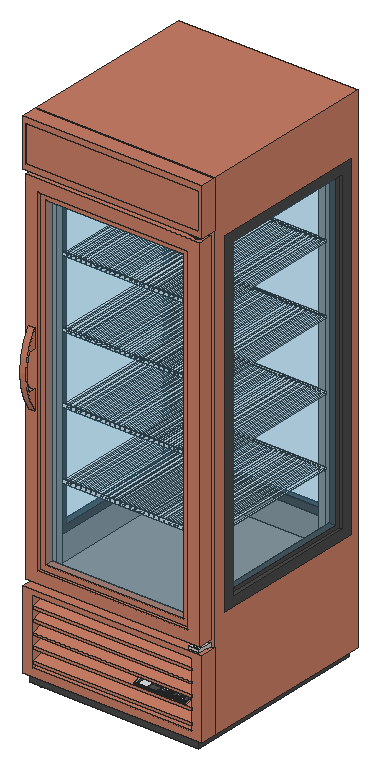
Revit family "QF_TRUE_G4SM-23-HC~TSL01", category Specialty Equipment, Revit 2016
Family settings
  Part Type = Normal
  Round Connector Dimension = Use Diameter
  Work Plane-Based = No
  Always vertical = Yes
  Cut with Voids When Loaded = No
  Shared = Yes
  Room Calculation Point = No
Parameters (values of type "G4SM-23-HC-TSL01")
  Weight in Pounds = 375
  Watts = Volts * FL Amps  # 621 W
  Volts = 115 V
  URL Cutsheet = ""
  URL = ""
  Type Comments = ""
  Specification by User = ""
  Specification by Manufacturer = ""
  Show Logo [instance] = yes
  Show Default Legs [instance] = if(or(Show 6 Inches Standard Legs, Show 2.5 Inches Castors), or(Show 4 Inches Castors, and(Show 6 Inches Standard Legs, Show 2.5 Inches Castors), and(Show 2.5 Inches Castors, Show 6 Inches Seismic Flanged Legs)), if(Show 4 Inches Castors, Show 6 Inches Seismic Flanged Legs, not(Show 6 Inches Seismic Flanged Legs)))  # yes
  Show Clearance [instance] = yes
  Show 6 Inches Standard Legs [instance] = no
  Show 6 Inches Seismic Flanged Legs [instance] = no
  Show 4 Inches Castors [instance] = no
  Show 2.5 Inches Castors [instance] = no
  Serial Number = ""
  Seismic Rating = ""
  SMACNA No = ""
  Revision Code = ""
  Phase = 1
  Number of Poles = 1
  NAFEM Spec ID Number = ""
  Model = "G4SM-23-HC~TSL01"
  Min Ckt Ampacity = 0 A
  Max Overcurrent Protection = 0 A
  Materials and Finishes [instance] = QF_Aluminum-Copper
  Masterspec = ""
  Manufacturer = "TRUE"
  Length = 27 1/2"
  Item Number = ""
  Installed By = ""
  Identify Quantity as Lot = yes
  Height [instance] = Body Height + Base Height  # 78 5/8"
  HP = "1/3"
  Furnished By = ""
  Foodservice Equipment Identifier = yes
  FL Amps = 5.4 A
  Electrical Remarks = ""
  Electric Connection Type = ""
  Elec Conn RI Height = 0"
  Elec Conn Connection Height = 0"
  Description = "SWING DOOR REFRIGERATOR WITH HYDROCARBON REFRIGERANT-TRUE STANDARD LOOK VERSION 01"
  Depth = 30 1/8"
  Cycle = 60 Hz
  Conn Plug = "NEMA 5-15P"
  Conn Conduit = yes
  CSI MasterFormat = ""
  Body Height [instance] = 78 5/16"  # constant formula
  Base Height [instance] = if(Show Default Legs, 5/16", if(Show 2.5 Inches Castors, 2 1/2", if(Show 6 Inches Standard Legs, 6", if(Show 4 Inches Castors, 4", if(Show 6 Inches Seismic Flanged Legs, 6", 5" / 16)))))  # 5/16"
  Apparent Power = 0 VA
  6 Inches Standard Legs [instance] = and(Show 6 Inches Standard Legs, not(Show Default Legs))  # no
  6 Inches Seismic Flanged Legs [instance] = and(Show 6 Inches Seismic Flanged Legs, not(Show Default Legs))  # no
  4 Inches Castors [instance] = and(Show 4 Inches Castors, not(Show Default Legs))  # no
  2.5 Inches Casters [instance] = and(Show 2.5 Inches Castors, not(Show Default Legs))  # no
Reference planes (in)
  plane 1 "BACK": y = 0.28125
  plane 2: z = 0
  plane 3 "LEFT": x = -0.5
  plane 4 "RIGHT": x = 27
  plane 5 "FRONT": y = -31.46875
  plane 6 "Top": z = 78.625
  plane 7: z = 0.3125
  plane 8: y = -15.59375
  plane 9: x = 13.25
  plane 10: y = -29.84375
Dimensions and locks (in)
  "Base Height": plane 7 to level
  "Length": plane 3 "LEFT" to plane 4 "RIGHT"
  "Body Height": plane 6 "Top" to plane 7
  nested 1 to plane 7 = 1 3/8"
  equal spacing: plane 5 "FRONT", plane 8, plane 1 "BACK"
  equal spacing: plane 3 "LEFT", plane 9, plane 4 "RIGHT"
  "Depth": plane 10 to plane 1 "BACK"
  plane 5 "FRONT" to plane 1 "BACK" = 31 3/4"
  plane 6 "Top" to level = 78 5/8"
  aligned and locked: level to plane 2
  aligned and locked: plane 4 "RIGHT" to nested 1
  aligned and locked: nested 1 to plane 7  (x2)
Nested families (in)
  nested 1: "G4SM-23-HC-TSL01" at (-0.5, -6.5, 0), Show Logo <- "Show Logo", Show Default Legs <- "Show Default Legs", Show Clearance <- "Show Clearance", Materials and Finishes <- "Materials and Finishes", type "G4SM-23-HC-TSL01"
    with Type Mark "1", Specification by User "", Show Logo yes, Show Default Legs yes, Show Clearance yes, Revision Code "", Materials and Finishes QF_Aluminum-Copper, Item Number "", Installed By "", Identify Quantity as Lot yes, Furnished By "", Foodservice Equipment Identifier yes
  nested 2: "CASTER-LEGS" at (2.25, -2.25, 0), Show Siesmic Flanged <- "6 Inches Seismic Flanged Legs", Show 6 Inches Legs <- "6 Inches Standard Legs", Show 2.5 Casters <- "2.5 Inches Casters", Show 4" Casters <- "4 Inches Castors", type "CASTER-LEGS"
    with Type Mark "", Status "", Specification by User "", Show Siesmic Flanged no, Show 6 Inches Legs no, Show 4" Casters no, Show 2.5 Casters no, Revision Code "", Low Profile yes, Item Number "", Installed By "", Identify Quantity as Lot yes, Furnished By "", Foodservice Equipment Identifier yes
  nested 3: "CASTER-LEGS" at (24.25, -2.25, 0), Show Siesmic Flanged <- "6 Inches Seismic Flanged Legs", Show 6 Inches Legs <- "6 Inches Standard Legs", Show 2.5 Casters <- "2.5 Inches Casters", Show 4" Casters <- "4 Inches Castors", type "CASTER-LEGS"
    with Type Mark "", Status "", Specification by User "", Show Siesmic Flanged no, Show 6 Inches Legs no, Show 4" Casters no, Show 2.5 Casters no, Revision Code "", Low Profile yes, Item Number "", Installed By "", Identify Quantity as Lot yes, Furnished By "", Foodservice Equipment Identifier yes
  nested 4: "CASTER-LEGS" at (24.25, -27.11908, 0), Show Siesmic Flanged <- "6 Inches Seismic Flanged Legs", Show 6 Inches Legs <- "6 Inches Standard Legs", Show 2.5 Casters <- "2.5 Inches Casters", Show 4" Casters <- "4 Inches Castors", type "CASTER-LEGS"
    with Type Mark "", Status "", Specification by User "", Show Siesmic Flanged no, Show 6 Inches Legs no, Show 4" Casters no, Show 2.5 Casters no, Revision Code "", Low Profile yes, Item Number "", Installed By "", Identify Quantity as Lot yes, Furnished By "", Foodservice Equipment Identifier yes
  nested 5: "CASTER-LEGS" at (2.25, -27.11908, 0), Show Siesmic Flanged <- "6 Inches Seismic Flanged Legs", Show 6 Inches Legs <- "6 Inches Standard Legs", Show 2.5 Casters <- "2.5 Inches Casters", Show 4" Casters <- "4 Inches Castors", type "CASTER-LEGS"
    with Type Mark "", Status "", Specification by User "", Show Siesmic Flanged no, Show 6 Inches Legs no, Show 4" Casters no, Show 2.5 Casters no, Revision Code "", Low Profile yes, Item Number "", Installed By "", Identify Quantity as Lot yes, Furnished By "", Foodservice Equipment Identifier yes
Connectors (in)
  electrical at (13.25, 0.34375, 7.71875), driven by "Volts", driven by "Watts"
    settings: on nested 1, index 1, voltage 115 V, apparent load 621 VA, apparent load phase1 0 VA, apparent load phase2 0 VA, apparent load phase3 0 VA, power factor 1, load classification "Other", number of poles 1, system type 30, power factor state 1, is connector primary yes, connector utility no, sub classification motor no, connector description "ELECTRICAL CONNECTION"
Definition of nested family "G4SM-23-HC-TSL01"
  Parameters (values of type "G4SM-23-HC-TSL01")
    URL = ""
    Type Mark [instance] = ""
    Type Comments = ""
    Specification by User [instance] = ""
    Specification by Manufacturer = ""
    Show Logo [instance] = yes
    Show Default Legs [instance] = yes
    Show Clearance [instance] = yes
    Serial Number = ""
    Seismic Rating = ""
    SMACNA No = ""
    Revision Code [instance] = ""
    Omniclass Number and Title = ""
    NAFEM Spec ID Number = ""
    Model = ""
    Materials and Finishes [instance] = none
    MasterSpec. = ""
    Manufacturer = ""
    Item Number [instance] = ""
    Installed By [instance] = ""
    Identify Quantity as Lot [instance] = yes
    Furnished By [instance] = ""
    Foodservice Equipment Identifier [instance] = yes
    Description = ""
    CSI MasterFormat = ""
    CSI Master Format = ""
    Assembly Code = ""
  Reference planes (in)
    plane 1 "BACK": y = 6.78125
    plane 2: z = 0
    plane 3 "LEFT": x = 0
    plane 4 "RIGHT": x = 27.5
    plane 5 "FRONT": y = -24.96875
    plane 6 "Top": z = 78.625
    plane 7: z = 2.1875
    plane 8: y = -23.34375
    plane 9: y = -33.92295
    plane 10: y = -8.28125
    plane 11: z = 68.91173
    plane 12: z = 16.5625
    plane 13: z = 27.0323
    plane 14: x = 13.75
    plane 15: x = 13.75
    plane 16: x = 13.75
    plane 17: x = 13.75
    plane 18: z = 37.5021
    plane 19: z = 47.9719
    plane 20: z = 58.4417
    plane 21: z = 68.9115
    plane 22: x = 13.75
    plane 23: x = 13.75
    plane 24: x = 13.75
    plane 25: x = 13.75
    plane 26: x = 13.75
    plane 27: x = 13.75
    plane 28: y = -48.34375
    plane 29: x = 13.75
  Forms (in)
    Extrusion 1, solid, material <- "Materials and Finishes"
      sketch origin (0, 0, 0) x (1, 0, 0) y (0, 0, 1)
        loop
          line (0, 78.625) -> (0, 1.6875) -> (27.5, 1.6875) -> (27.5, 78.625) -> (0, 78.625)
        loop
          line (1.3125, 70.66173) -> (1.3125, 14.8125) -> (26.1875, 14.8125) -> (26.1875, 70.66173) -> (1.3125, 70.66173)
      from -6.78125 to 20.84375
    Extrusion 2, solid
      sketch origin (0, -24.40625, 0) x (1, 0, 0) y (0, 0, 1)
        loop
          line (0.5, 1.6875) -> (0.5, 0.3125) -> (26.5, 0.3125) -> (26.5, 1.6875) -> (0.5, 1.6875)
      from -30.65625 to -1.7825
    Extrusion 3, void
      sketch origin (0, 0, 2.9375) x (0, 0, -1) y (0, 1, 0)
        loop
          line (-65.97423, -18.03125) -> (-15.97423, -18.03125) -> (-15.97423, 4.25) -> (-65.97423, 4.25) -> (-65.97423, -18.03125)
      from 0 to 27.5
    Sweep 4, solid
      path in 3D
        loop
          line (1.3125, 4.25, 18.91173) -> (1.3125, 4.25, 68.91173) -> (1.3125, -18.03125, 68.91173) -> (1.3125, -18.03125, 18.91173) -> (1.3125, 4.25, 18.91173)
      profile origin (1.3125, -6.89062, 18.91173) x (-1, 0, 0) y (0, 0, 1)
        loop
          line (-0.1875, 0) -> (1.3125, 0) -> (1.3125, -1) -> (1.4375, -1) -> (1.4375, 0.5) -> (0.8125, 0.5) -> (0.8125, 1) -> (-0.1875, 1) -> (-0.1875, 0)
    Extrusion 5, solid
      sketch origin (0, 0, 0) x (1, 0, 0) y (0, 1, 0)
        loop
          line (2.49362, 4.53443) -> (2.49362, 3.53443) -> (3.49362, 3.53443) -> (3.49362, 4.53443) -> (2.49362, 4.53443)
        loop
          line (25.17826, 4.53443) -> (24.17826, 4.53443) -> (24.17826, 3.53443) -> (25.17826, 3.53443) -> (25.17826, 4.53443)
        loop
          line (1.3125, -19.69067) -> (2.3125, -19.69067) -> (2.3125, -18.69067) -> (1.3125, -18.69067) -> (1.3125, -19.69067)
        loop
          line (26.1875, -19.69067) -> (26.1875, -18.69067) -> (25.1875, -18.69067) -> (25.1875, -19.69067) -> (26.1875, -19.69067)
      from 14.8125 to 70.66173
    Extrusion 6, solid
      sketch origin (0, 0, 2.9375) x (0, 0, 1) y (0, 1, 0)
        loop
          line (64.97423, 3.25) -> (16.97423, 3.25) -> (16.97423, -17.03125) -> (64.97423, -17.03125) -> (64.97423, 3.25)
      from -1.5 to -0.5
    Extrusion 7, solid
      sketch origin (0, 6.78125, 0) x (-1, 0, 0) y (0, 0, 1)
        loop
          line (-22.6875, 67.91173) -> (-22.6875, 19.91173) -> (-4.8125, 19.91173) -> (-4.8125, 67.91173) -> (-22.6875, 67.91173)
      from -1.3125 to -0.5
    Extrusion 8, solid, material <- "Materials and Finishes"
      sketch origin (0, 7.03125, 0) x (1, 0, 0) y (0, 0, 1)
        loop
          line (1.3125, 70.66173) -> (1.3125, 14.8125) -> (26.1875, 14.8125) -> (26.1875, 70.66173) -> (1.3125, 70.66173)
        loop
          line (3.8125, 68.91173) -> (3.8125, 18.91173) -> (23.6875, 18.91173) -> (23.6875, 68.91173) -> (3.8125, 68.91173)
      from 0.25 to 1.5625
    Sweep 9, solid
      path in 3D
        loop
          line (3.8125, 5.46875, 18.91173) -> (3.8125, 5.46875, 68.91173) -> (23.6875, 5.46875, 68.91173) -> (23.6875, 5.46875, 18.91173) -> (3.8125, 5.46875, 18.91173)
      profile origin (13.75, 5.46875, 18.91173) x (0, -1, 0) y (0, 0, 1)
        loop
          line (0.1875, 0) -> (0.1875, 1) -> (-0.8125, 1) -> (-0.8125, 0.5) -> (-1.4375, 0.5) -> (-1.4375, -1) -> (-1.3125, -1) -> (-1.3125, 0) -> (0.1875, 0)
    Sweep 10, solid
      path in 3D
        loop
          line (26.1875, 4.25, 18.91173) -> (26.1875, 4.25, 68.91173) -> (26.1875, -18.03125, 68.91173) -> (26.1875, -18.03125, 18.91173) -> (26.1875, 4.25, 18.91173)
      profile origin (26.1875, -6.89062, 18.91173) x (-1, 0, 0) y (0, 0, 1)
        loop
          line (0.1875, 0) -> (0.1875, 1) -> (-0.8125, 1) -> (-0.8125, 0.5) -> (-1.4375, 0.5) -> (-1.4375, -1) -> (-1.3125, -1) -> (-1.3125, 0) -> (0.1875, 0)
    Extrusion 11, solid
      sketch origin (28, 0, 2.9375) x (0, 0, 1) y (0, -1, 0)
        loop
          line (64.97423, -3.25) -> (64.97423, 17.03125) -> (16.97423, 17.03125) -> (16.97423, -3.25) -> (64.97423, -3.25)
      from -2 to -1
    Extrusion 12, solid, material <- "Materials and Finishes"
      sketch origin (65.75, 6.84375, -53.3125) x (-1, 0, 0) y (0, 0, -1)
        loop
          circle (52, -61.03125) r 0.25
      from 0 to 0.0625
    Extrusion 13, solid, material <- "Materials and Finishes"
      sketch origin (0, -20.84375, 0) x (1, 0, 0) y (0, 0, 1)
        loop
          line (27.5, 13.75) -> (0, 13.75) -> (0, 1.6875) -> (27.5, 1.6875) -> (27.5, 13.75)
        loop
          line (1.5, 13) -> (1.5, 2.9375) -> (26, 2.9375) -> (26, 13) -> (1.5, 13)
        loop
          line (0.375, 72.12512) -> (27.125, 72.12512) -> (27.125, 77.875) -> (0.375, 77.875) -> (0.375, 72.12512)
        loop
          line (27.5, 78.625) -> (0, 78.625) -> (0, 71.37512) -> (27.5, 71.37512) -> (27.5, 78.625)
      from 0 to 2.5
    Extrusion 14, solid, visible <- "Show Clearance", detail levels coarse
      sketch origin (21.9932, -38.38414, 0) x (-1, 0, 0) y (0, -1, 0)
        loop
          arc (21.6179, -15.16539) -> (13.07894, 2.54572) -> (-5.1318, 9.95961) r 27.36556
          line (-5.1318, 9.95961) -> (-5.1318, -15.16539) -> (21.6179, -15.16539)
      from 14.8125 to 70.66173
    Extrusion 15, solid, material <- "Materials and Finishes"
      sketch origin (0, -0.21875, 1.875) x (0, 1, 0) y (0, 0, 1)
        loop
          line (-20.625, 2.56553) -> (-20.625, 10.52178) -> (-23.125, 9.6407) -> (-23.125, 9.25512) -> (-21.16746, 9.94502) -> (-21.16746, 8.49996) -> (-23.125, 7.81006) -> (-23.125, 7.42448) -> (-21.16746, 8.11439) -> (-21.16746, 6.66933) -> (-23.125, 5.97943) -> (-23.125, 5.59385) -> (-21.16746, 6.28375) -> (-21.16746, 4.83869) -> (-23.125, 4.14879) -> (-23.125, 3.76321) -> (-21.16746, 4.45312) -> (-21.16746, 2.75993) -> (-23.125, 2.07003) -> (-23.125, 1.68445) -> (-20.625, 2.56553)
      from 1.5 to 26
    Extrusion 16, solid
      sketch origin (-25.125, 10.53125, -0.71875) x (1, 0, 0) y (0, 0, 1)
        loop
          line (25.5, 78.59375) -> (25.5, 72.84387) -> (52.25, 72.84387) -> (52.25, 78.59375) -> (25.5, 78.59375)
      from 31.641 to 33.75
    Extrusion 17, solid
      sketch origin (0, -0.09473, 0) x (1, 0, 0) y (0, 0, 1)
        loop
          line (3.125, 17.5625) -> (24.375, 17.5625) -> (24.375, 67.91173) -> (3.125, 67.91173) -> (3.125, 17.5625)
      from 21.62954 to 22.68087
    Extrusion 18, solid, material <- "Materials and Finishes"
      sketch origin (-25.125, -23.21875, -0.71875) x (1, 0, 0) y (0, 0, 1)
        loop
          line (27.25, 69.63048) -> (27.25, 17.28125) -> (50.5, 17.28125) -> (50.5, 69.63048) -> (27.25, 69.63048)
        loop
          line (28.25, 68.63048) -> (28.25, 18.28125) -> (49.5, 18.28125) -> (49.5, 68.63048) -> (28.25, 68.63048)
      from -1.49448 to -0.44315
    Extrusion 19, solid
      sketch origin (2.39022, -0.03125, 7.37512) x (1, 0, 0) y (0, 1, 0)
        loop
          line (23.02382, -20.8125) -> (23.02382, -22.88338) -> (24.4375, -22.88338) -> (24.4375, -20.8125) -> (23.02382, -20.8125)
      from 63.59911 to 64
    Extrusion 20, solid
      sketch origin (2.39022, -0.10938, 58.46661) x (1, 0, 0) y (0, 1, 0)
        loop
          circle (23.79728, -22.15971) r 0.5
      from 12.19512 to 12.50762
    Extrusion 21, solid
      sketch origin (2.39022, -0.21875, 2.4375) x (0, 1, 0) y (0, 0, 1)
        loop
          line (-20.79736, 11.3125) -> (-20.79736, 11.88262) -> (-23.04736, 11.88262) -> (-23.04736, 11.47736) -> (-21.29736, 11.47736) -> (-21.29736, 11.3125) -> (-20.79736, 11.3125)
      from 23.06646 to 24.65563
    Extrusion 22, solid
      sketch origin (2.39022, -0.21875, 2.4375) x (1, 0, 0) y (0, 1, 0)
        loop
          circle (23.79728, -22.15971) r 0.5
      from 11.88262 to 12.375
    Extrusion 23, solid, material <- "Materials and Finishes"
      sketch origin (0.82942, -180, 49.9783) x (0, 0, -1) y (0, -1, 0)
        loop
          line (0, -156.78125) -> (3, -156.78125) -> (3, -155.6661)
          arc (3, -155.6661) -> (5.76725, -155.28061) -> (8.53451, -155.6661) r 10.12503
          line (8.53451, -155.6661) -> (8.53451, -156.78125) -> (11.53451, -156.78125)
          arc (11.53451, -156.78125) -> (5.76725, -155.03061) -> (0, -156.78125) r 10.37503
      from 0 to -0.84676
    Extrusion 24, solid, visible <- "Show Default Legs"
      sketch origin (0, 0, 0) x (1, 0, 0) y (0, 1, 0)
        loop
          circle (1.91421, 4.83579) r 0.75
        loop
          circle (1.91421, -21.39829) r 0.75
        loop
          circle (25.08579, 4.83579) r 0.75
        loop
          circle (25.08579, -21.39829) r 0.75
      from 0 to 0.3125
    Extrusion 25, solid, not visible
      sketch origin (26.1875, -18.69067, 38.44379) x (-1, 0, 0) y (0, 0, -1)
        loop
          line (23.875, 0.5) -> (1.00924, 0.5) -> (1.00924, 0) -> (23.875, 0) -> (23.875, 0.5)
        loop
          line (12.71602, 0.14812) -> (12.71602, 0.35188) -> (12.15898, 0.35188) -> (12.15898, 0.14812) -> (12.71602, 0.14812)
        loop
          line (13.46602, 0.14812) -> (13.46602, 0.35188) -> (12.90898, 0.35188) -> (12.90898, 0.14812) -> (13.46602, 0.14812)
        loop
          line (14.21602, 0.14812) -> (14.21602, 0.35188) -> (13.65898, 0.35188) -> (13.65898, 0.14812) -> (14.21602, 0.14812)
        loop
          line (14.96602, 0.14812) -> (14.96602, 0.35188) -> (14.40898, 0.35188) -> (14.40898, 0.14812) -> (14.96602, 0.14812)
        loop
          line (15.71602, 0.14812) -> (15.71602, 0.35188) -> (15.15898, 0.35188) -> (15.15898, 0.14812) -> (15.71602, 0.14812)
        loop
          line (16.46602, 0.14812) -> (16.46602, 0.35188) -> (15.90898, 0.35188) -> (15.90898, 0.14812) -> (16.46602, 0.14812)
        loop
          line (17.21602, 0.14812) -> (17.21602, 0.35188) -> (16.65898, 0.35188) -> (16.65898, 0.14812) -> (17.21602, 0.14812)
        loop
          line (17.96602, 0.14812) -> (17.96602, 0.35188) -> (17.40898, 0.35188) -> (17.40898, 0.14812) -> (17.96602, 0.14812)
        loop
          line (18.71602, 0.14812) -> (18.71602, 0.35188) -> (18.15898, 0.35188) -> (18.15898, 0.14812) -> (18.71602, 0.14812)
        loop
          line (19.46602, 0.14812) -> (19.46602, 0.35188) -> (18.90898, 0.35188) -> (18.90898, 0.14812) -> (19.46602, 0.14812)
        loop
          line (20.21602, 0.14812) -> (20.21602, 0.35188) -> (19.65898, 0.35188) -> (19.65898, 0.14812) -> (20.21602, 0.14812)
        loop
          line (20.96602, 0.14812) -> (20.96602, 0.35188) -> (20.40898, 0.35188) -> (20.40898, 0.14812) -> (20.96602, 0.14812)
        loop
          line (21.71602, 0.14812) -> (21.71602, 0.35188) -> (21.15898, 0.35188) -> (21.15898, 0.14812) -> (21.71602, 0.14812)
        loop
          line (22.46602, 0.14812) -> (22.46602, 0.35188) -> (21.90898, 0.35188) -> (21.90898, 0.14812) -> (22.46602, 0.14812)
        loop
          line (23.21602, 0.14812) -> (23.21602, 0.35188) -> (22.65898, 0.35188) -> (22.65898, 0.14812) -> (23.21602, 0.14812)
        loop
          line (11.40898, 0.14812) -> (11.96602, 0.14812) -> (11.96602, 0.35188) -> (11.40898, 0.35188) -> (11.40898, 0.14812)
        loop
          line (10.65898, 0.14812) -> (11.21602, 0.14812) -> (11.21602, 0.35188) -> (10.65898, 0.35188) -> (10.65898, 0.14812)
        loop
          line (9.90898, 0.14812) -> (10.46602, 0.14812) -> (10.46602, 0.35188) -> (9.90898, 0.35188) -> (9.90898, 0.14812)
        loop
          line (9.15898, 0.14812) -> (9.71602, 0.14812) -> (9.71602, 0.35188) -> (9.15898, 0.35188) -> (9.15898, 0.14812)
        loop
          line (8.40898, 0.14812) -> (8.96602, 0.14812) -> (8.96602, 0.35188) -> (8.40898, 0.35188) -> (8.40898, 0.14812)
        loop
          line (7.65898, 0.14812) -> (8.21602, 0.14812) -> (8.21602, 0.35188) -> (7.65898, 0.35188) -> (7.65898, 0.14812)
        loop
          line (6.90898, 0.14812) -> (7.46602, 0.14812) -> (7.46602, 0.35188) -> (6.90898, 0.35188) -> (6.90898, 0.14812)
        loop
          line (6.15898, 0.14812) -> (6.71602, 0.14812) -> (6.71602, 0.35188) -> (6.15898, 0.35188) -> (6.15898, 0.14812)
        loop
          line (5.40898, 0.14812) -> (5.96602, 0.14812) -> (5.96602, 0.35188) -> (5.40898, 0.35188) -> (5.40898, 0.14812)
        loop
          line (4.65898, 0.14812) -> (5.21602, 0.14812) -> (5.21602, 0.35188) -> (4.65898, 0.35188) -> (4.65898, 0.14812)
        loop
          line (3.90898, 0.14812) -> (4.46602, 0.14812) -> (4.46602, 0.35188) -> (3.90898, 0.35188) -> (3.90898, 0.14812)
        loop
          line (3.15898, 0.14812) -> (3.71602, 0.14812) -> (3.71602, 0.35188) -> (3.15898, 0.35188) -> (3.15898, 0.14812)
        loop
          line (2.40898, 0.14812) -> (2.96602, 0.14812) -> (2.96602, 0.35188) -> (2.40898, 0.35188) -> (2.40898, 0.14812)
        loop
          line (1.65898, 0.14812) -> (2.21602, 0.14812) -> (2.21602, 0.35188) -> (1.65898, 0.35188) -> (1.65898, 0.14812)
      from 0 to -0.125
    Extrusion 26, solid, not visible
      sketch origin (26.1875, 3.53443, 38.44379) x (-1, 0, 0) y (0, 0, 1)
        loop
          line (23.875, -0.5) -> (23.875, 0) -> (1.00924, 0) -> (1.00924, -0.5) -> (23.875, -0.5)
        loop
          line (12.71602, -0.14812) -> (12.15898, -0.14812) -> (12.15898, -0.35188) -> (12.71602, -0.35188) -> (12.71602, -0.14812)
        loop
          line (13.46602, -0.14812) -> (12.90898, -0.14812) -> (12.90898, -0.35188) -> (13.46602, -0.35188) -> (13.46602, -0.14812)
        loop
          line (14.21602, -0.14812) -> (13.65898, -0.14812) -> (13.65898, -0.35188) -> (14.21602, -0.35188) -> (14.21602, -0.14812)
        loop
          line (14.96602, -0.14812) -> (14.40898, -0.14812) -> (14.40898, -0.35188) -> (14.96602, -0.35188) -> (14.96602, -0.14812)
        loop
          line (15.71602, -0.14812) -> (15.15898, -0.14812) -> (15.15898, -0.35188) -> (15.71602, -0.35188) -> (15.71602, -0.14812)
        loop
          line (16.46602, -0.14812) -> (15.90898, -0.14812) -> (15.90898, -0.35188) -> (16.46602, -0.35188) -> (16.46602, -0.14812)
        loop
          line (17.21602, -0.14812) -> (16.65898, -0.14812) -> (16.65898, -0.35188) -> (17.21602, -0.35188) -> (17.21602, -0.14812)
        loop
          line (17.96602, -0.14812) -> (17.40898, -0.14812) -> (17.40898, -0.35188) -> (17.96602, -0.35188) -> (17.96602, -0.14812)
        loop
          line (18.71602, -0.14812) -> (18.15898, -0.14812) -> (18.15898, -0.35188) -> (18.71602, -0.35188) -> (18.71602, -0.14812)
        loop
          line (19.46602, -0.14812) -> (18.90898, -0.14812) -> (18.90898, -0.35188) -> (19.46602, -0.35188) -> (19.46602, -0.14812)
        loop
          line (20.21602, -0.14812) -> (19.65898, -0.14812) -> (19.65898, -0.35188) -> (20.21602, -0.35188) -> (20.21602, -0.14812)
        loop
          line (20.96602, -0.14812) -> (20.40898, -0.14812) -> (20.40898, -0.35188) -> (20.96602, -0.35188) -> (20.96602, -0.14812)
        loop
          line (21.71602, -0.14812) -> (21.15898, -0.14812) -> (21.15898, -0.35188) -> (21.71602, -0.35188) -> (21.71602, -0.14812)
        loop
          line (22.46602, -0.14812) -> (21.90898, -0.14812) -> (21.90898, -0.35188) -> (22.46602, -0.35188) -> (22.46602, -0.14812)
        loop
          line (23.21602, -0.14812) -> (22.65898, -0.14812) -> (22.65898, -0.35188) -> (23.21602, -0.35188) -> (23.21602, -0.14812)
        loop
          line (11.40898, -0.14812) -> (11.40898, -0.35188) -> (11.96602, -0.35188) -> (11.96602, -0.14812) -> (11.40898, -0.14812)
        loop
          line (10.65898, -0.14812) -> (10.65898, -0.35188) -> (11.21602, -0.35188) -> (11.21602, -0.14812) -> (10.65898, -0.14812)
        loop
          line (9.90898, -0.14812) -> (9.90898, -0.35188) -> (10.46602, -0.35188) -> (10.46602, -0.14812) -> (9.90898, -0.14812)
        loop
          line (9.15898, -0.14812) -> (9.15898, -0.35188) -> (9.71602, -0.35188) -> (9.71602, -0.14812) -> (9.15898, -0.14812)
        loop
          line (8.40898, -0.14812) -> (8.40898, -0.35188) -> (8.96602, -0.35188) -> (8.96602, -0.14812) -> (8.40898, -0.14812)
        loop
          line (7.65898, -0.14812) -> (7.65898, -0.35188) -> (8.21602, -0.35188) -> (8.21602, -0.14812) -> (7.65898, -0.14812)
        loop
          line (6.90898, -0.14812) -> (6.90898, -0.35188) -> (7.46602, -0.35188) -> (7.46602, -0.14812) -> (6.90898, -0.14812)
        loop
          line (6.15898, -0.14812) -> (6.15898, -0.35188) -> (6.71602, -0.35188) -> (6.71602, -0.14812) -> (6.15898, -0.14812)
        loop
          line (5.40898, -0.14812) -> (5.40898, -0.35188) -> (5.96602, -0.35188) -> (5.96602, -0.14812) -> (5.40898, -0.14812)
        loop
          line (4.65898, -0.14812) -> (4.65898, -0.35188) -> (5.21602, -0.35188) -> (5.21602, -0.14812) -> (4.65898, -0.14812)
        loop
          line (3.90898, -0.14812) -> (3.90898, -0.35188) -> (4.46602, -0.35188) -> (4.46602, -0.14812) -> (3.90898, -0.14812)
        loop
          line (3.15898, -0.14812) -> (3.15898, -0.35188) -> (3.71602, -0.35188) -> (3.71602, -0.14812) -> (3.15898, -0.14812)
        loop
          line (2.40898, -0.14812) -> (2.40898, -0.35188) -> (2.96602, -0.35188) -> (2.96602, -0.14812) -> (2.40898, -0.14812)
        loop
          line (1.65898, -0.14812) -> (1.65898, -0.35188) -> (2.21602, -0.35188) -> (2.21602, -0.14812) -> (1.65898, -0.14812)
      from 0 to -0.125
    Extrusion 27, solid, not visible
      sketch origin (26.1875, -18.56567, 38.44379) x (1, 0, 0) y (0, 0, -1)
        loop
          circle (-12.44212, 0.375) r 0.125
        loop
          circle (-13.19212, 0.375) r 0.125
        loop
          circle (-13.94212, 0.375) r 0.125
        loop
          circle (-14.69212, 0.375) r 0.125
        loop
          circle (-15.44212, 0.375) r 0.125
        loop
          circle (-16.19212, 0.375) r 0.125
        loop
          circle (-16.94212, 0.375) r 0.125
        loop
          circle (-17.69212, 0.375) r 0.125
        loop
          circle (-18.44212, 0.375) r 0.125
        loop
          circle (-19.19212, 0.375) r 0.125
        loop
          circle (-19.94212, 0.375) r 0.125
        loop
          circle (-20.69212, 0.375) r 0.125
        loop
          circle (-21.44212, 0.375) r 0.125
        loop
          circle (-22.19212, 0.375) r 0.125
        loop
          circle (-22.94212, 0.375) r 0.125
        loop
          circle (-11.68288, 0.375) r 0.125
        loop
          circle (-10.93288, 0.375) r 0.125
        loop
          circle (-10.18288, 0.375) r 0.125
        loop
          circle (-9.43288, 0.375) r 0.125
        loop
          circle (-8.68288, 0.375) r 0.125
        loop
          circle (-7.93288, 0.375) r 0.125
        loop
          circle (-7.18288, 0.375) r 0.125
        loop
          circle (-6.43288, 0.375) r 0.125
        loop
          circle (-5.68288, 0.375) r 0.125
        loop
          circle (-4.93288, 0.375) r 0.125
        loop
          circle (-4.18288, 0.375) r 0.125
        loop
          circle (-3.43288, 0.375) r 0.125
        loop
          circle (-2.68288, 0.375) r 0.125
        loop
          circle (-1.93288, 0.375) r 0.125
        loop
          circle (-23.75, 0.375) r 0.125
        loop
          circle (-1.13424, 0.375) r 0.125
      from 0 to 21.9751
    Extrusion 28, solid
      sketch origin (26.1875, -18.69067, 27.26217) x (-1, 0, 0) y (0, 0, -1)
        loop
          line (23.875, 0.5) -> (1.00924, 0.5) -> (1.00924, 0) -> (23.875, 0) -> (23.875, 0.5)
        loop
          line (12.71602, 0.14812) -> (12.71602, 0.35188) -> (12.15898, 0.35188) -> (12.15898, 0.14812) -> (12.71602, 0.14812)
        loop
          line (13.46602, 0.14812) -> (13.46602, 0.35188) -> (12.90898, 0.35188) -> (12.90898, 0.14812) -> (13.46602, 0.14812)
        loop
          line (14.21602, 0.14812) -> (14.21602, 0.35188) -> (13.65898, 0.35188) -> (13.65898, 0.14812) -> (14.21602, 0.14812)
        loop
          line (14.96602, 0.14812) -> (14.96602, 0.35188) -> (14.40898, 0.35188) -> (14.40898, 0.14812) -> (14.96602, 0.14812)
        loop
          line (15.71602, 0.14812) -> (15.71602, 0.35188) -> (15.15898, 0.35188) -> (15.15898, 0.14812) -> (15.71602, 0.14812)
        loop
          line (16.46602, 0.14812) -> (16.46602, 0.35188) -> (15.90898, 0.35188) -> (15.90898, 0.14812) -> (16.46602, 0.14812)
        loop
          line (17.21602, 0.14812) -> (17.21602, 0.35188) -> (16.65898, 0.35188) -> (16.65898, 0.14812) -> (17.21602, 0.14812)
        loop
          line (17.96602, 0.14812) -> (17.96602, 0.35188) -> (17.40898, 0.35188) -> (17.40898, 0.14812) -> (17.96602, 0.14812)
        loop
          line (18.71602, 0.14812) -> (18.71602, 0.35188) -> (18.15898, 0.35188) -> (18.15898, 0.14812) -> (18.71602, 0.14812)
        loop
          line (19.46602, 0.14812) -> (19.46602, 0.35188) -> (18.90898, 0.35188) -> (18.90898, 0.14812) -> (19.46602, 0.14812)
        loop
          line (20.21602, 0.14812) -> (20.21602, 0.35188) -> (19.65898, 0.35188) -> (19.65898, 0.14812) -> (20.21602, 0.14812)
        loop
          line (20.96602, 0.14812) -> (20.96602, 0.35188) -> (20.40898, 0.35188) -> (20.40898, 0.14812) -> (20.96602, 0.14812)
        loop
          line (21.71602, 0.14812) -> (21.71602, 0.35188) -> (21.15898, 0.35188) -> (21.15898, 0.14812) -> (21.71602, 0.14812)
        loop
          line (22.46602, 0.14812) -> (22.46602, 0.35188) -> (21.90898, 0.35188) -> (21.90898, 0.14812) -> (22.46602, 0.14812)
        loop
          line (23.21602, 0.14812) -> (23.21602, 0.35188) -> (22.65898, 0.35188) -> (22.65898, 0.14812) -> (23.21602, 0.14812)
        loop
          line (11.40898, 0.14812) -> (11.96602, 0.14812) -> (11.96602, 0.35188) -> (11.40898, 0.35188) -> (11.40898, 0.14812)
        loop
          line (10.65898, 0.14812) -> (11.21602, 0.14812) -> (11.21602, 0.35188) -> (10.65898, 0.35188) -> (10.65898, 0.14812)
        loop
          line (9.90898, 0.14812) -> (10.46602, 0.14812) -> (10.46602, 0.35188) -> (9.90898, 0.35188) -> (9.90898, 0.14812)
        loop
          line (9.15898, 0.14812) -> (9.71602, 0.14812) -> (9.71602, 0.35188) -> (9.15898, 0.35188) -> (9.15898, 0.14812)
        loop
          line (8.40898, 0.14812) -> (8.96602, 0.14812) -> (8.96602, 0.35188) -> (8.40898, 0.35188) -> (8.40898, 0.14812)
        loop
          line (7.65898, 0.14812) -> (8.21602, 0.14812) -> (8.21602, 0.35188) -> (7.65898, 0.35188) -> (7.65898, 0.14812)
        loop
          line (6.90898, 0.14812) -> (7.46602, 0.14812) -> (7.46602, 0.35188) -> (6.90898, 0.35188) -> (6.90898, 0.14812)
        loop
          line (6.15898, 0.14812) -> (6.71602, 0.14812) -> (6.71602, 0.35188) -> (6.15898, 0.35188) -> (6.15898, 0.14812)
        loop
          line (5.40898, 0.14812) -> (5.96602, 0.14812) -> (5.96602, 0.35188) -> (5.40898, 0.35188) -> (5.40898, 0.14812)
        loop
          line (4.65898, 0.14812) -> (5.21602, 0.14812) -> (5.21602, 0.35188) -> (4.65898, 0.35188) -> (4.65898, 0.14812)
        loop
          line (3.90898, 0.14812) -> (4.46602, 0.14812) -> (4.46602, 0.35188) -> (3.90898, 0.35188) -> (3.90898, 0.14812)
        loop
          line (3.15898, 0.14812) -> (3.71602, 0.14812) -> (3.71602, 0.35188) -> (3.15898, 0.35188) -> (3.15898, 0.14812)
        loop
          line (2.40898, 0.14812) -> (2.96602, 0.14812) -> (2.96602, 0.35188) -> (2.40898, 0.35188) -> (2.40898, 0.14812)
        loop
          line (1.65898, 0.14812) -> (2.21602, 0.14812) -> (2.21602, 0.35188) -> (1.65898, 0.35188) -> (1.65898, 0.14812)
      from 0 to -0.125
    Extrusion 29, solid
      sketch origin (26.1875, 3.53443, 27.26217) x (-1, 0, 0) y (0, 0, 1)
        loop
          line (23.875, -0.5) -> (23.875, 0) -> (1.00924, 0) -> (1.00924, -0.5) -> (23.875, -0.5)
        loop
          line (12.71602, -0.14812) -> (12.15898, -0.14812) -> (12.15898, -0.35188) -> (12.71602, -0.35188) -> (12.71602, -0.14812)
        loop
          line (13.46602, -0.14812) -> (12.90898, -0.14812) -> (12.90898, -0.35188) -> (13.46602, -0.35188) -> (13.46602, -0.14812)
        loop
          line (14.21602, -0.14812) -> (13.65898, -0.14812) -> (13.65898, -0.35188) -> (14.21602, -0.35188) -> (14.21602, -0.14812)
        loop
          line (14.96602, -0.14812) -> (14.40898, -0.14812) -> (14.40898, -0.35188) -> (14.96602, -0.35188) -> (14.96602, -0.14812)
        loop
          line (15.71602, -0.14812) -> (15.15898, -0.14812) -> (15.15898, -0.35188) -> (15.71602, -0.35188) -> (15.71602, -0.14812)
        loop
          line (16.46602, -0.14812) -> (15.90898, -0.14812) -> (15.90898, -0.35188) -> (16.46602, -0.35188) -> (16.46602, -0.14812)
        loop
          line (17.21602, -0.14812) -> (16.65898, -0.14812) -> (16.65898, -0.35188) -> (17.21602, -0.35188) -> (17.21602, -0.14812)
        loop
          line (17.96602, -0.14812) -> (17.40898, -0.14812) -> (17.40898, -0.35188) -> (17.96602, -0.35188) -> (17.96602, -0.14812)
        loop
          line (18.71602, -0.14812) -> (18.15898, -0.14812) -> (18.15898, -0.35188) -> (18.71602, -0.35188) -> (18.71602, -0.14812)
        loop
          line (19.46602, -0.14812) -> (18.90898, -0.14812) -> (18.90898, -0.35188) -> (19.46602, -0.35188) -> (19.46602, -0.14812)
        loop
          line (20.21602, -0.14812) -> (19.65898, -0.14812) -> (19.65898, -0.35188) -> (20.21602, -0.35188) -> (20.21602, -0.14812)
        loop
          line (20.96602, -0.14812) -> (20.40898, -0.14812) -> (20.40898, -0.35188) -> (20.96602, -0.35188) -> (20.96602, -0.14812)
        loop
          line (21.71602, -0.14812) -> (21.15898, -0.14812) -> (21.15898, -0.35188) -> (21.71602, -0.35188) -> (21.71602, -0.14812)
        loop
          line (22.46602, -0.14812) -> (21.90898, -0.14812) -> (21.90898, -0.35188) -> (22.46602, -0.35188) -> (22.46602, -0.14812)
        loop
          line (23.21602, -0.14812) -> (22.65898, -0.14812) -> (22.65898, -0.35188) -> (23.21602, -0.35188) -> (23.21602, -0.14812)
        loop
          line (11.40898, -0.14812) -> (11.40898, -0.35188) -> (11.96602, -0.35188) -> (11.96602, -0.14812) -> (11.40898, -0.14812)
        loop
          line (10.65898, -0.14812) -> (10.65898, -0.35188) -> (11.21602, -0.35188) -> (11.21602, -0.14812) -> (10.65898, -0.14812)
        loop
          line (9.90898, -0.14812) -> (9.90898, -0.35188) -> (10.46602, -0.35188) -> (10.46602, -0.14812) -> (9.90898, -0.14812)
        loop
          line (9.15898, -0.14812) -> (9.15898, -0.35188) -> (9.71602, -0.35188) -> (9.71602, -0.14812) -> (9.15898, -0.14812)
        loop
          line (8.40898, -0.14812) -> (8.40898, -0.35188) -> (8.96602, -0.35188) -> (8.96602, -0.14812) -> (8.40898, -0.14812)
        loop
          line (7.65898, -0.14812) -> (7.65898, -0.35188) -> (8.21602, -0.35188) -> (8.21602, -0.14812) -> (7.65898, -0.14812)
        loop
          line (6.90898, -0.14812) -> (6.90898, -0.35188) -> (7.46602, -0.35188) -> (7.46602, -0.14812) -> (6.90898, -0.14812)
        loop
          line (6.15898, -0.14812) -> (6.15898, -0.35188) -> (6.71602, -0.35188) -> (6.71602, -0.14812) -> (6.15898, -0.14812)
        loop
          line (5.40898, -0.14812) -> (5.40898, -0.35188) -> (5.96602, -0.35188) -> (5.96602, -0.14812) -> (5.40898, -0.14812)
        loop
          line (4.65898, -0.14812) -> (4.65898, -0.35188) -> (5.21602, -0.35188) -> (5.21602, -0.14812) -> (4.65898, -0.14812)
        loop
          line (3.90898, -0.14812) -> (3.90898, -0.35188) -> (4.46602, -0.35188) -> (4.46602, -0.14812) -> (3.90898, -0.14812)
        loop
          line (3.15898, -0.14812) -> (3.15898, -0.35188) -> (3.71602, -0.35188) -> (3.71602, -0.14812) -> (3.15898, -0.14812)
        loop
          line (2.40898, -0.14812) -> (2.40898, -0.35188) -> (2.96602, -0.35188) -> (2.96602, -0.14812) -> (2.40898, -0.14812)
        loop
          line (1.65898, -0.14812) -> (1.65898, -0.35188) -> (2.21602, -0.35188) -> (2.21602, -0.14812) -> (1.65898, -0.14812)
      from 0 to -0.125
    Extrusion 30, solid
      sketch origin (26.1875, -18.56567, 27.26217) x (1, 0, 0) y (0, 0, -1)
        loop
          circle (-12.44212, 0.375) r 0.125
        loop
          circle (-13.19212, 0.375) r 0.125
        loop
          circle (-13.94212, 0.375) r 0.125
        loop
          circle (-14.69212, 0.375) r 0.125
        loop
          circle (-15.44212, 0.375) r 0.125
        loop
          circle (-16.19212, 0.375) r 0.125
        loop
          circle (-16.94212, 0.375) r 0.125
        loop
          circle (-17.69212, 0.375) r 0.125
        loop
          circle (-18.44212, 0.375) r 0.125
        loop
          circle (-19.19212, 0.375) r 0.125
        loop
          circle (-19.94212, 0.375) r 0.125
        loop
          circle (-20.69212, 0.375) r 0.125
        loop
          circle (-21.44212, 0.375) r 0.125
        loop
          circle (-22.19212, 0.375) r 0.125
        loop
          circle (-22.94212, 0.375) r 0.125
        loop
          circle (-11.68288, 0.375) r 0.125
        loop
          circle (-10.93288, 0.375) r 0.125
        loop
          circle (-10.18288, 0.375) r 0.125
        loop
          circle (-9.43288, 0.375) r 0.125
        loop
          circle (-8.68288, 0.375) r 0.125
        loop
          circle (-7.93288, 0.375) r 0.125
        loop
          circle (-7.18288, 0.375) r 0.125
        loop
          circle (-6.43288, 0.375) r 0.125
        loop
          circle (-5.68288, 0.375) r 0.125
        loop
          circle (-4.93288, 0.375) r 0.125
        loop
          circle (-4.18288, 0.375) r 0.125
        loop
          circle (-3.43288, 0.375) r 0.125
        loop
          circle (-2.68288, 0.375) r 0.125
        loop
          circle (-1.93288, 0.375) r 0.125
        loop
          circle (-23.75, 0.375) r 0.125
        loop
          circle (-1.13424, 0.375) r 0.125
      from 0 to 21.9751
    Extrusion 31, solid
      sketch origin (26.1875, -18.69067, 37.73197) x (-1, 0, 0) y (0, 0, -1)
        loop
          line (23.875, 0.5) -> (1.00924, 0.5) -> (1.00924, 0) -> (23.875, 0) -> (23.875, 0.5)
        loop
          line (12.71602, 0.14812) -> (12.71602, 0.35188) -> (12.15898, 0.35188) -> (12.15898, 0.14812) -> (12.71602, 0.14812)
        loop
          line (13.46602, 0.14812) -> (13.46602, 0.35188) -> (12.90898, 0.35188) -> (12.90898, 0.14812) -> (13.46602, 0.14812)
        loop
          line (14.21602, 0.14812) -> (14.21602, 0.35188) -> (13.65898, 0.35188) -> (13.65898, 0.14812) -> (14.21602, 0.14812)
        loop
          line (14.96602, 0.14812) -> (14.96602, 0.35188) -> (14.40898, 0.35188) -> (14.40898, 0.14812) -> (14.96602, 0.14812)
        loop
          line (15.71602, 0.14812) -> (15.71602, 0.35188) -> (15.15898, 0.35188) -> (15.15898, 0.14812) -> (15.71602, 0.14812)
        loop
          line (16.46602, 0.14812) -> (16.46602, 0.35188) -> (15.90898, 0.35188) -> (15.90898, 0.14812) -> (16.46602, 0.14812)
        loop
          line (17.21602, 0.14812) -> (17.21602, 0.35188) -> (16.65898, 0.35188) -> (16.65898, 0.14812) -> (17.21602, 0.14812)
        loop
          line (17.96602, 0.14812) -> (17.96602, 0.35188) -> (17.40898, 0.35188) -> (17.40898, 0.14812) -> (17.96602, 0.14812)
        loop
          line (18.71602, 0.14812) -> (18.71602, 0.35188) -> (18.15898, 0.35188) -> (18.15898, 0.14812) -> (18.71602, 0.14812)
        loop
          line (19.46602, 0.14812) -> (19.46602, 0.35188) -> (18.90898, 0.35188) -> (18.90898, 0.14812) -> (19.46602, 0.14812)
        loop
          line (20.21602, 0.14812) -> (20.21602, 0.35188) -> (19.65898, 0.35188) -> (19.65898, 0.14812) -> (20.21602, 0.14812)
        loop
          line (20.96602, 0.14812) -> (20.96602, 0.35188) -> (20.40898, 0.35188) -> (20.40898, 0.14812) -> (20.96602, 0.14812)
        loop
          line (21.71602, 0.14812) -> (21.71602, 0.35188) -> (21.15898, 0.35188) -> (21.15898, 0.14812) -> (21.71602, 0.14812)
        loop
          line (22.46602, 0.14812) -> (22.46602, 0.35188) -> (21.90898, 0.35188) -> (21.90898, 0.14812) -> (22.46602, 0.14812)
        loop
          line (23.21602, 0.14812) -> (23.21602, 0.35188) -> (22.65898, 0.35188) -> (22.65898, 0.14812) -> (23.21602, 0.14812)
        loop
          line (11.40898, 0.14812) -> (11.96602, 0.14812) -> (11.96602, 0.35188) -> (11.40898, 0.35188) -> (11.40898, 0.14812)
        loop
          line (10.65898, 0.14812) -> (11.21602, 0.14812) -> (11.21602, 0.35188) -> (10.65898, 0.35188) -> (10.65898, 0.14812)
        loop
          line (9.90898, 0.14812) -> (10.46602, 0.14812) -> (10.46602, 0.35188) -> (9.90898, 0.35188) -> (9.90898, 0.14812)
        loop
          line (9.15898, 0.14812) -> (9.71602, 0.14812) -> (9.71602, 0.35188) -> (9.15898, 0.35188) -> (9.15898, 0.14812)
        loop
          line (8.40898, 0.14812) -> (8.96602, 0.14812) -> (8.96602, 0.35188) -> (8.40898, 0.35188) -> (8.40898, 0.14812)
        loop
          line (7.65898, 0.14812) -> (8.21602, 0.14812) -> (8.21602, 0.35188) -> (7.65898, 0.35188) -> (7.65898, 0.14812)
        loop
          line (6.90898, 0.14812) -> (7.46602, 0.14812) -> (7.46602, 0.35188) -> (6.90898, 0.35188) -> (6.90898, 0.14812)
        loop
          line (6.15898, 0.14812) -> (6.71602, 0.14812) -> (6.71602, 0.35188) -> (6.15898, 0.35188) -> (6.15898, 0.14812)
        loop
          line (5.40898, 0.14812) -> (5.96602, 0.14812) -> (5.96602, 0.35188) -> (5.40898, 0.35188) -> (5.40898, 0.14812)
        loop
          line (4.65898, 0.14812) -> (5.21602, 0.14812) -> (5.21602, 0.35188) -> (4.65898, 0.35188) -> (4.65898, 0.14812)
        loop
          line (3.90898, 0.14812) -> (4.46602, 0.14812) -> (4.46602, 0.35188) -> (3.90898, 0.35188) -> (3.90898, 0.14812)
        loop
          line (3.15898, 0.14812) -> (3.71602, 0.14812) -> (3.71602, 0.35188) -> (3.15898, 0.35188) -> (3.15898, 0.14812)
        loop
          line (2.40898, 0.14812) -> (2.96602, 0.14812) -> (2.96602, 0.35188) -> (2.40898, 0.35188) -> (2.40898, 0.14812)
        loop
          line (1.65898, 0.14812) -> (2.21602, 0.14812) -> (2.21602, 0.35188) -> (1.65898, 0.35188) -> (1.65898, 0.14812)
      from 0 to -0.125
    Extrusion 32, solid
      sketch origin (26.1875, 3.53443, 37.73197) x (-1, 0, 0) y (0, 0, 1)
        loop
          line (23.875, -0.5) -> (23.875, 0) -> (1.00924, 0) -> (1.00924, -0.5) -> (23.875, -0.5)
        loop
          line (12.71602, -0.14812) -> (12.15898, -0.14812) -> (12.15898, -0.35188) -> (12.71602, -0.35188) -> (12.71602, -0.14812)
        loop
          line (13.46602, -0.14812) -> (12.90898, -0.14812) -> (12.90898, -0.35188) -> (13.46602, -0.35188) -> (13.46602, -0.14812)
        loop
          line (14.21602, -0.14812) -> (13.65898, -0.14812) -> (13.65898, -0.35188) -> (14.21602, -0.35188) -> (14.21602, -0.14812)
        loop
          line (14.96602, -0.14812) -> (14.40898, -0.14812) -> (14.40898, -0.35188) -> (14.96602, -0.35188) -> (14.96602, -0.14812)
        loop
          line (15.71602, -0.14812) -> (15.15898, -0.14812) -> (15.15898, -0.35188) -> (15.71602, -0.35188) -> (15.71602, -0.14812)
        loop
          line (16.46602, -0.14812) -> (15.90898, -0.14812) -> (15.90898, -0.35188) -> (16.46602, -0.35188) -> (16.46602, -0.14812)
        loop
          line (17.21602, -0.14812) -> (16.65898, -0.14812) -> (16.65898, -0.35188) -> (17.21602, -0.35188) -> (17.21602, -0.14812)
        loop
          line (17.96602, -0.14812) -> (17.40898, -0.14812) -> (17.40898, -0.35188) -> (17.96602, -0.35188) -> (17.96602, -0.14812)
        loop
          line (18.71602, -0.14812) -> (18.15898, -0.14812) -> (18.15898, -0.35188) -> (18.71602, -0.35188) -> (18.71602, -0.14812)
        loop
          line (19.46602, -0.14812) -> (18.90898, -0.14812) -> (18.90898, -0.35188) -> (19.46602, -0.35188) -> (19.46602, -0.14812)
        loop
          line (20.21602, -0.14812) -> (19.65898, -0.14812) -> (19.65898, -0.35188) -> (20.21602, -0.35188) -> (20.21602, -0.14812)
        loop
          line (20.96602, -0.14812) -> (20.40898, -0.14812) -> (20.40898, -0.35188) -> (20.96602, -0.35188) -> (20.96602, -0.14812)
        loop
          line (21.71602, -0.14812) -> (21.15898, -0.14812) -> (21.15898, -0.35188) -> (21.71602, -0.35188) -> (21.71602, -0.14812)
        loop
          line (22.46602, -0.14812) -> (21.90898, -0.14812) -> (21.90898, -0.35188) -> (22.46602, -0.35188) -> (22.46602, -0.14812)
        loop
          line (23.21602, -0.14812) -> (22.65898, -0.14812) -> (22.65898, -0.35188) -> (23.21602, -0.35188) -> (23.21602, -0.14812)
        loop
          line (11.40898, -0.14812) -> (11.40898, -0.35188) -> (11.96602, -0.35188) -> (11.96602, -0.14812) -> (11.40898, -0.14812)
        loop
          line (10.65898, -0.14812) -> (10.65898, -0.35188) -> (11.21602, -0.35188) -> (11.21602, -0.14812) -> (10.65898, -0.14812)
        loop
          line (9.90898, -0.14812) -> (9.90898, -0.35188) -> (10.46602, -0.35188) -> (10.46602, -0.14812) -> (9.90898, -0.14812)
        loop
          line (9.15898, -0.14812) -> (9.15898, -0.35188) -> (9.71602, -0.35188) -> (9.71602, -0.14812) -> (9.15898, -0.14812)
        loop
          line (8.40898, -0.14812) -> (8.40898, -0.35188) -> (8.96602, -0.35188) -> (8.96602, -0.14812) -> (8.40898, -0.14812)
        loop
          line (7.65898, -0.14812) -> (7.65898, -0.35188) -> (8.21602, -0.35188) -> (8.21602, -0.14812) -> (7.65898, -0.14812)
        loop
          line (6.90898, -0.14812) -> (6.90898, -0.35188) -> (7.46602, -0.35188) -> (7.46602, -0.14812) -> (6.90898, -0.14812)
        loop
          line (6.15898, -0.14812) -> (6.15898, -0.35188) -> (6.71602, -0.35188) -> (6.71602, -0.14812) -> (6.15898, -0.14812)
        loop
          line (5.40898, -0.14812) -> (5.40898, -0.35188) -> (5.96602, -0.35188) -> (5.96602, -0.14812) -> (5.40898, -0.14812)
        loop
          line (4.65898, -0.14812) -> (4.65898, -0.35188) -> (5.21602, -0.35188) -> (5.21602, -0.14812) -> (4.65898, -0.14812)
        loop
          line (3.90898, -0.14812) -> (3.90898, -0.35188) -> (4.46602, -0.35188) -> (4.46602, -0.14812) -> (3.90898, -0.14812)
        loop
          line (3.15898, -0.14812) -> (3.15898, -0.35188) -> (3.71602, -0.35188) -> (3.71602, -0.14812) -> (3.15898, -0.14812)
        loop
          line (2.40898, -0.14812) -> (2.40898, -0.35188) -> (2.96602, -0.35188) -> (2.96602, -0.14812) -> (2.40898, -0.14812)
        loop
          line (1.65898, -0.14812) -> (1.65898, -0.35188) -> (2.21602, -0.35188) -> (2.21602, -0.14812) -> (1.65898, -0.14812)
      from 0 to -0.125
    Extrusion 33, solid
      sketch origin (26.1875, -18.56567, 37.73197) x (1, 0, 0) y (0, 0, -1)
        loop
          circle (-12.44212, 0.375) r 0.125
        loop
          circle (-13.19212, 0.375) r 0.125
        loop
          circle (-13.94212, 0.375) r 0.125
        loop
          circle (-14.69212, 0.375) r 0.125
        loop
          circle (-15.44212, 0.375) r 0.125
        loop
          circle (-16.19212, 0.375) r 0.125
        loop
          circle (-16.94212, 0.375) r 0.125
        loop
          circle (-17.69212, 0.375) r 0.125
        loop
          circle (-18.44212, 0.375) r 0.125
        loop
          circle (-19.19212, 0.375) r 0.125
        loop
          circle (-19.94212, 0.375) r 0.125
        loop
          circle (-20.69212, 0.375) r 0.125
        loop
          circle (-21.44212, 0.375) r 0.125
        loop
          circle (-22.19212, 0.375) r 0.125
        loop
          circle (-22.94212, 0.375) r 0.125
        loop
          circle (-11.68288, 0.375) r 0.125
        loop
          circle (-10.93288, 0.375) r 0.125
        loop
          circle (-10.18288, 0.375) r 0.125
        loop
          circle (-9.43288, 0.375) r 0.125
        loop
          circle (-8.68288, 0.375) r 0.125
        loop
          circle (-7.93288, 0.375) r 0.125
        loop
          circle (-7.18288, 0.375) r 0.125
        loop
          circle (-6.43288, 0.375) r 0.125
        loop
          circle (-5.68288, 0.375) r 0.125
        loop
          circle (-4.93288, 0.375) r 0.125
        loop
          circle (-4.18288, 0.375) r 0.125
        loop
          circle (-3.43288, 0.375) r 0.125
        loop
          circle (-2.68288, 0.375) r 0.125
        loop
          circle (-1.93288, 0.375) r 0.125
        loop
          circle (-23.75, 0.375) r 0.125
        loop
          circle (-1.13424, 0.375) r 0.125
      from 0 to 21.9751
    Extrusion 34, solid
      sketch origin (26.1875, -18.69067, 48.20177) x (-1, 0, 0) y (0, 0, -1)
        loop
          line (23.875, 0.5) -> (1.00924, 0.5) -> (1.00924, 0) -> (23.875, 0) -> (23.875, 0.5)
        loop
          line (12.71602, 0.14812) -> (12.71602, 0.35188) -> (12.15898, 0.35188) -> (12.15898, 0.14812) -> (12.71602, 0.14812)
        loop
          line (13.46602, 0.14812) -> (13.46602, 0.35188) -> (12.90898, 0.35188) -> (12.90898, 0.14812) -> (13.46602, 0.14812)
        loop
          line (14.21602, 0.14812) -> (14.21602, 0.35188) -> (13.65898, 0.35188) -> (13.65898, 0.14812) -> (14.21602, 0.14812)
        loop
          line (14.96602, 0.14812) -> (14.96602, 0.35188) -> (14.40898, 0.35188) -> (14.40898, 0.14812) -> (14.96602, 0.14812)
        loop
          line (15.71602, 0.14812) -> (15.71602, 0.35188) -> (15.15898, 0.35188) -> (15.15898, 0.14812) -> (15.71602, 0.14812)
        loop
          line (16.46602, 0.14812) -> (16.46602, 0.35188) -> (15.90898, 0.35188) -> (15.90898, 0.14812) -> (16.46602, 0.14812)
        loop
          line (17.21602, 0.14812) -> (17.21602, 0.35188) -> (16.65898, 0.35188) -> (16.65898, 0.14812) -> (17.21602, 0.14812)
        loop
          line (17.96602, 0.14812) -> (17.96602, 0.35188) -> (17.40898, 0.35188) -> (17.40898, 0.14812) -> (17.96602, 0.14812)
        loop
          line (18.71602, 0.14812) -> (18.71602, 0.35188) -> (18.15898, 0.35188) -> (18.15898, 0.14812) -> (18.71602, 0.14812)
        loop
          line (19.46602, 0.14812) -> (19.46602, 0.35188) -> (18.90898, 0.35188) -> (18.90898, 0.14812) -> (19.46602, 0.14812)
        loop
          line (20.21602, 0.14812) -> (20.21602, 0.35188) -> (19.65898, 0.35188) -> (19.65898, 0.14812) -> (20.21602, 0.14812)
        loop
          line (20.96602, 0.14812) -> (20.96602, 0.35188) -> (20.40898, 0.35188) -> (20.40898, 0.14812) -> (20.96602, 0.14812)
        loop
          line (21.71602, 0.14812) -> (21.71602, 0.35188) -> (21.15898, 0.35188) -> (21.15898, 0.14812) -> (21.71602, 0.14812)
        loop
          line (22.46602, 0.14812) -> (22.46602, 0.35188) -> (21.90898, 0.35188) -> (21.90898, 0.14812) -> (22.46602, 0.14812)
        loop
          line (23.21602, 0.14812) -> (23.21602, 0.35188) -> (22.65898, 0.35188) -> (22.65898, 0.14812) -> (23.21602, 0.14812)
        loop
          line (11.40898, 0.14812) -> (11.96602, 0.14812) -> (11.96602, 0.35188) -> (11.40898, 0.35188) -> (11.40898, 0.14812)
        loop
          line (10.65898, 0.14812) -> (11.21602, 0.14812) -> (11.21602, 0.35188) -> (10.65898, 0.35188) -> (10.65898, 0.14812)
        loop
          line (9.90898, 0.14812) -> (10.46602, 0.14812) -> (10.46602, 0.35188) -> (9.90898, 0.35188) -> (9.90898, 0.14812)
        loop
          line (9.15898, 0.14812) -> (9.71602, 0.14812) -> (9.71602, 0.35188) -> (9.15898, 0.35188) -> (9.15898, 0.14812)
        loop
          line (8.40898, 0.14812) -> (8.96602, 0.14812) -> (8.96602, 0.35188) -> (8.40898, 0.35188) -> (8.40898, 0.14812)
        loop
          line (7.65898, 0.14812) -> (8.21602, 0.14812) -> (8.21602, 0.35188) -> (7.65898, 0.35188) -> (7.65898, 0.14812)
        loop
          line (6.90898, 0.14812) -> (7.46602, 0.14812) -> (7.46602, 0.35188) -> (6.90898, 0.35188) -> (6.90898, 0.14812)
        loop
          line (6.15898, 0.14812) -> (6.71602, 0.14812) -> (6.71602, 0.35188) -> (6.15898, 0.35188) -> (6.15898, 0.14812)
        loop
          line (5.40898, 0.14812) -> (5.96602, 0.14812) -> (5.96602, 0.35188) -> (5.40898, 0.35188) -> (5.40898, 0.14812)
        loop
          line (4.65898, 0.14812) -> (5.21602, 0.14812) -> (5.21602, 0.35188) -> (4.65898, 0.35188) -> (4.65898, 0.14812)
        loop
          line (3.90898, 0.14812) -> (4.46602, 0.14812) -> (4.46602, 0.35188) -> (3.90898, 0.35188) -> (3.90898, 0.14812)
        loop
          line (3.15898, 0.14812) -> (3.71602, 0.14812) -> (3.71602, 0.35188) -> (3.15898, 0.35188) -> (3.15898, 0.14812)
        loop
          line (2.40898, 0.14812) -> (2.96602, 0.14812) -> (2.96602, 0.35188) -> (2.40898, 0.35188) -> (2.40898, 0.14812)
        loop
          line (1.65898, 0.14812) -> (2.21602, 0.14812) -> (2.21602, 0.35188) -> (1.65898, 0.35188) -> (1.65898, 0.14812)
      from 0 to -0.125
    Extrusion 35, solid
      sketch origin (26.1875, 3.53443, 48.20177) x (-1, 0, 0) y (0, 0, 1)
        loop
          line (23.875, -0.5) -> (23.875, 0) -> (1.00924, 0) -> (1.00924, -0.5) -> (23.875, -0.5)
        loop
          line (12.71602, -0.14812) -> (12.15898, -0.14812) -> (12.15898, -0.35188) -> (12.71602, -0.35188) -> (12.71602, -0.14812)
        loop
          line (13.46602, -0.14812) -> (12.90898, -0.14812) -> (12.90898, -0.35188) -> (13.46602, -0.35188) -> (13.46602, -0.14812)
        loop
          line (14.21602, -0.14812) -> (13.65898, -0.14812) -> (13.65898, -0.35188) -> (14.21602, -0.35188) -> (14.21602, -0.14812)
        loop
          line (14.96602, -0.14812) -> (14.40898, -0.14812) -> (14.40898, -0.35188) -> (14.96602, -0.35188) -> (14.96602, -0.14812)
        loop
          line (15.71602, -0.14812) -> (15.15898, -0.14812) -> (15.15898, -0.35188) -> (15.71602, -0.35188) -> (15.71602, -0.14812)
        loop
          line (16.46602, -0.14812) -> (15.90898, -0.14812) -> (15.90898, -0.35188) -> (16.46602, -0.35188) -> (16.46602, -0.14812)
        loop
          line (17.21602, -0.14812) -> (16.65898, -0.14812) -> (16.65898, -0.35188) -> (17.21602, -0.35188) -> (17.21602, -0.14812)
        loop
          line (17.96602, -0.14812) -> (17.40898, -0.14812) -> (17.40898, -0.35188) -> (17.96602, -0.35188) -> (17.96602, -0.14812)
        loop
          line (18.71602, -0.14812) -> (18.15898, -0.14812) -> (18.15898, -0.35188) -> (18.71602, -0.35188) -> (18.71602, -0.14812)
        loop
          line (19.46602, -0.14812) -> (18.90898, -0.14812) -> (18.90898, -0.35188) -> (19.46602, -0.35188) -> (19.46602, -0.14812)
        loop
          line (20.21602, -0.14812) -> (19.65898, -0.14812) -> (19.65898, -0.35188) -> (20.21602, -0.35188) -> (20.21602, -0.14812)
        loop
          line (20.96602, -0.14812) -> (20.40898, -0.14812) -> (20.40898, -0.35188) -> (20.96602, -0.35188) -> (20.96602, -0.14812)
        loop
          line (21.71602, -0.14812) -> (21.15898, -0.14812) -> (21.15898, -0.35188) -> (21.71602, -0.35188) -> (21.71602, -0.14812)
        loop
          line (22.46602, -0.14812) -> (21.90898, -0.14812) -> (21.90898, -0.35188) -> (22.46602, -0.35188) -> (22.46602, -0.14812)
        loop
          line (23.21602, -0.14812) -> (22.65898, -0.14812) -> (22.65898, -0.35188) -> (23.21602, -0.35188) -> (23.21602, -0.14812)
        loop
          line (11.40898, -0.14812) -> (11.40898, -0.35188) -> (11.96602, -0.35188) -> (11.96602, -0.14812) -> (11.40898, -0.14812)
        loop
          line (10.65898, -0.14812) -> (10.65898, -0.35188) -> (11.21602, -0.35188) -> (11.21602, -0.14812) -> (10.65898, -0.14812)
        loop
          line (9.90898, -0.14812) -> (9.90898, -0.35188) -> (10.46602, -0.35188) -> (10.46602, -0.14812) -> (9.90898, -0.14812)
        loop
          line (9.15898, -0.14812) -> (9.15898, -0.35188) -> (9.71602, -0.35188) -> (9.71602, -0.14812) -> (9.15898, -0.14812)
        loop
          line (8.40898, -0.14812) -> (8.40898, -0.35188) -> (8.96602, -0.35188) -> (8.96602, -0.14812) -> (8.40898, -0.14812)
        loop
          line (7.65898, -0.14812) -> (7.65898, -0.35188) -> (8.21602, -0.35188) -> (8.21602, -0.14812) -> (7.65898, -0.14812)
        loop
          line (6.90898, -0.14812) -> (6.90898, -0.35188) -> (7.46602, -0.35188) -> (7.46602, -0.14812) -> (6.90898, -0.14812)
        loop
          line (6.15898, -0.14812) -> (6.15898, -0.35188) -> (6.71602, -0.35188) -> (6.71602, -0.14812) -> (6.15898, -0.14812)
        loop
          line (5.40898, -0.14812) -> (5.40898, -0.35188) -> (5.96602, -0.35188) -> (5.96602, -0.14812) -> (5.40898, -0.14812)
        loop
          line (4.65898, -0.14812) -> (4.65898, -0.35188) -> (5.21602, -0.35188) -> (5.21602, -0.14812) -> (4.65898, -0.14812)
        loop
          line (3.90898, -0.14812) -> (3.90898, -0.35188) -> (4.46602, -0.35188) -> (4.46602, -0.14812) -> (3.90898, -0.14812)
        loop
          line (3.15898, -0.14812) -> (3.15898, -0.35188) -> (3.71602, -0.35188) -> (3.71602, -0.14812) -> (3.15898, -0.14812)
        loop
          line (2.40898, -0.14812) -> (2.40898, -0.35188) -> (2.96602, -0.35188) -> (2.96602, -0.14812) -> (2.40898, -0.14812)
        loop
          line (1.65898, -0.14812) -> (1.65898, -0.35188) -> (2.21602, -0.35188) -> (2.21602, -0.14812) -> (1.65898, -0.14812)
      from 0 to -0.125
    Extrusion 36, solid
      sketch origin (26.1875, -18.56567, 48.20177) x (1, 0, 0) y (0, 0, -1)
        loop
          circle (-12.44212, 0.375) r 0.125
        loop
          circle (-13.19212, 0.375) r 0.125
        loop
          circle (-13.94212, 0.375) r 0.125
        loop
          circle (-14.69212, 0.375) r 0.125
        loop
          circle (-15.44212, 0.375) r 0.125
        loop
          circle (-16.19212, 0.375) r 0.125
        loop
          circle (-16.94212, 0.375) r 0.125
        loop
          circle (-17.69212, 0.375) r 0.125
        loop
          circle (-18.44212, 0.375) r 0.125
        loop
          circle (-19.19212, 0.375) r 0.125
        loop
          circle (-19.94212, 0.375) r 0.125
        loop
          circle (-20.69212, 0.375) r 0.125
        loop
          circle (-21.44212, 0.375) r 0.125
        loop
          circle (-22.19212, 0.375) r 0.125
        loop
          circle (-22.94212, 0.375) r 0.125
        loop
          circle (-11.68288, 0.375) r 0.125
        loop
          circle (-10.93288, 0.375) r 0.125
